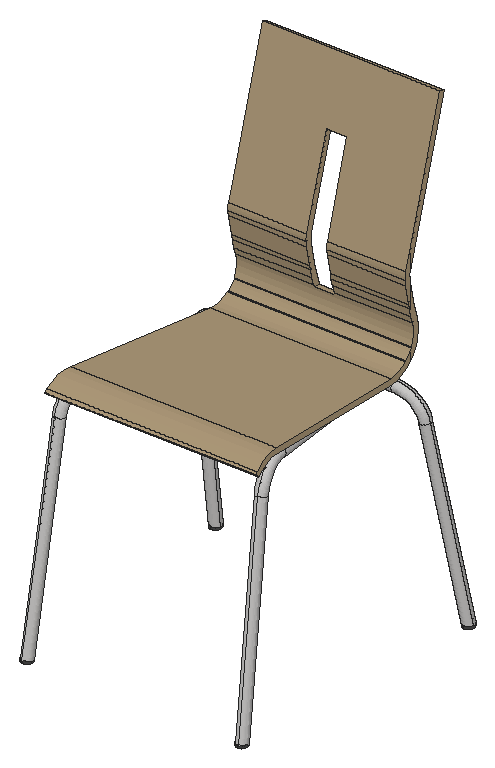
Revit family "Chair-Multi-Purpose-Allermuir-Scoop-A432", category Furniture, Revit 2012
Parameters (values of type "A432")
  ecoScorecard_data = "http://thesenatorgroup.ecoscorecard.com/product/A432"
  ecoScorecard Product Page = "http://products.ecoscorecard.com/allermuir/A432?action=html"
  Weight = 14.0 lbf
  Upholstered Seat = "NO"  # constant formula
  Upholstered Back = "NO|\r\n"  # constant formula
  URL = "http://www.allermuir.net/Default.aspx"
  Swaged Tubular Steel Legs = "Yes"  # constant formula
  Subcategory = "Multi-Purpose Line"  # constant formula
  Stacks = yes
  Specifications URL = "http://www.allermuir.net/Services/File.ashx?Id=4481"
  Slimline Upholstery = no
  Seat or Base = Wood - Allermuir - Plywood - New
  Seat Width = 1' - 4"  # constant formula
  Seat Height = 1' - 6"  # constant formula
  Seat Depth Adjustment = no
  Seat Depth = 1' - 4 143/256"  # constant formula
  Product Page URL = "http://www.allermuir.net/Products.aspx?RangeId=89"
  Product Line = "Scoop"  # constant formula
  Pricing URL = "http://www.allermuir.net/Services/File.ashx?Id=4326"
  Polished Aluminum Base = no
  Polished Aluminum Arm Carrier = no
  Plugin Data URL = "http://products.ecoscorecard.com/thesenatorgroup/A432"
  Plastic Arms in Black = "NO"  # constant formula
  Pedestal Base = "NO"  # constant formula
  Overall Width = 1' - 8"  # constant formula
  Overall Height = 2' - 11"  # constant formula
  Overall Depth = 1' - 9"  # constant formula
  Optional Feature Notes = " Beech shell can be stained, see page 011 for stain options,  Round Steel tube frame in Polished Chrome frame and Chrome frame"  # constant formula
  Negative Seat Tilt = no
  Model = "A432"
  Manufacturer Phone - Toll Free = "(888) 887 5806"  # constant formula
  Manufacturer Phone = "(419) 887 5806"  # constant formula
  Manufacturer Fax = "(419) 887 5805"  # constant formula
  Manufacturer Email = "mailto:contact@allermuir-na.com"
  Manufacturer Address = "1630 Holland Road, Maumee, Ohio 43537 "  # constant formula
  Manufacturer = "Allermuir"  # constant formula
  Lumbar Adjustment = no
  Legs = Metal - Allermuir - Stainless - Polished Brushed
  LEED Stats URL = "http://www.allermuir.net/Services/File.ashx?Id=4540"
  Height Adjustable Arms with Multi funtction Pad = no
  Height Adjustable Arms = no
  Glides = Plastic - Allermuir - Coarse Textured - Black
  Glides = Plastic - Allermuir - Coarse Textured - Black
  Fabric Spec Sheets = "http://www.allermuir.net/Services/File.ashx?Type=B&Id=51"
  Description = "Side chair"  # constant formula
  Color Availability = "See price list for material options"  # constant formula
  Chair Seat = Wood - Allermuir - Plywood - New
  Base or Frame = " Round Steel tube frame in Silver M04 EPPC"  # constant formula
  Base Type = "4 leg frame"  # constant formula
  Caster Options = no
  CAD Blocks URL = "http://www.allermuir.net/Services/File.ashx?Id=4591"
  Brochure URL = "http://www.allermuir.net/Services/File.ashx?Id=4541"
  Black Plastic Back Membrane = no
  Black Gas Lift = no
  Black GRP Base = no
  Black Components = no
  Base = Metal - Allermuir - Stainless - Polished Brushed
  Assembly Code = "E2020200"
  Airflow Back Mesh = no
  Advanced Sync Tilt with Multi Position Back = no
  95 CSI = "12510"  # constant formula
  2.5" Casters = no
  04 CSI = "12 51 00"  # constant formula
Reference planes (in)
  plane 1 "Center Front/Back": y = 0
  plane 2: z = 0
  plane 3 "Center Left/Right": x = 0
  plane 4: x = -10
  plane 5: y = 10.5
  plane 6: y = -10.5
  plane 7: x = 10
  plane 8: z = 35
Forms (in)
  Sweep 1, solid, material "Wood - Allermuir - Plywood - New" <- "Chair Seat"
    path origin (0, 0, 0) x (1, 0, 0) y (0, 1, 0)
      loop
        line (-8.27756, -8.79007) -> (8.37435, -8.79007)
    profile origin (0.0484, -8.79007, 0) x (0, 1, 0) y (0, 0, 1)
      loop
        line (19.36771, 34.73361) -> (18.99022, 34.84543) -> (15.76374, 23.953)
        arc (15.76374, 23.953) -> (15.71234, 23.6714) -> (15.72217, 23.38531) r 1.33473
        line (15.72217, 23.38531) -> (15.76837, 23.06161)
        arc (15.76837, 23.06161) -> (15.8863, 22.34195) -> (16.03386, 21.62777) r 17.65558
        line (16.03386, 21.62777) -> (16.10907, 21.29822)
        arc (16.10907, 21.29822) -> (16.18494, 20.9959) -> (16.27372, 20.69711) r 7.25501
        line (16.27372, 20.69711) -> (16.43685, 20.18844)
        arc (16.43685, 20.18844) -> (16.5286, 19.40059) -> (16.31486, 18.63675) r 2.05308
        line (16.31486, 18.63675) -> (16.29476, 18.59691)
        arc (16.29476, 18.59691) -> (16.06607, 18.24239) -> (15.76809, 17.94372) r 2
        line (15.76809, 17.94372) -> (15.73618, 17.91787)
        arc (15.73618, 17.91787) -> (15.02652, 17.5384) -> (14.22676, 17.449) r 2.13212
        line (14.22676, 17.449) -> (2.20912, 18.39481)
        arc (2.20912, 18.39481) -> (1.13452, 18.26574) -> (0.19296, 17.73201) r 2.75
        line (0.19296, 17.73201) -> (0, 17.56488) -> (0.28292, 17.2911) -> (0.44548, 17.43189)
        arc (0.44548, 17.43189) -> (1.25559, 17.89112) -> (2.18016, 18.00217) r 2.36605
        line (2.18016, 18.00217) -> (14.22002, 17.05462)
        arc (14.22002, 17.05462) -> (15.327, 17.21873) -> (16.25146, 17.84935) r 2.5
        line (16.25146, 17.84935) -> (16.29919, 17.90095)
        arc (16.29919, 17.90095) -> (16.62314, 18.34999) -> (16.82955, 18.86377) r 2.28472
        line (16.82955, 18.86377) -> (16.85235, 18.94927)
        arc (16.85235, 18.94927) -> (16.93112, 19.68099) -> (16.78538, 20.40236) r 2.40977
        arc (16.78538, 20.40236) -> (16.62217, 20.89389) -> (16.4908, 21.39486) r 8.07663
        line (16.4908, 21.39486) -> (16.42125, 21.69961)
        arc (16.42125, 21.69961) -> (16.2737, 22.41378) -> (16.15577, 23.13343) r 17.656
        line (16.15577, 23.13343) -> (16.10839, 23.46536)
        arc (16.10839, 23.46536) -> (16.1023, 23.64275) -> (16.13417, 23.81736) r 0.82763
        line (16.13417, 23.81736) -> (19.36771, 34.73361)
  Extrusion 2, void
    sketch origin (0, 0, 0) x (1, 0, 0) y (0, 1, 0)
      loop
        line (-9.67444, -8.79007) -> (-7.9787, -8.79007) -> (-6.69291, 7.33136) -> (-6.69291, 11.33136) -> (-9.67444, 11.33136) -> (-9.67444, -8.79007)
    from 15.82437 to 37.48263
  Extrusion 3, void
    sketch origin (0, 0, 0) x (-1, 0, 0) y (0, -1, 0)
      loop
        line (-9.67444, 8.79007) -> (-9.67444, -11.37708) -> (-6.69291, -11.37708) -> (-6.69291, -7.33136) -> (-7.9787, 8.79007) -> (-9.67444, 8.79007)
    from 15.82437 to 37.48263
  Extrusion 4, void
    sketch origin (-10, 60, 48) x (0, 1, 0) y (0, 0, 1)
      loop
        line (-50.27191, -17.85643) -> (-52.03527, -17.71767) -> (-53.95827, -24.00751) -> (-53.05847, -27.90499) -> (-51.10417, -28.05882) -> (-52.17233, -24.07241) -> (-50.27191, -17.85643)
    from 9.2126 to 10.7874
  Sweep 5, solid, material "Metal - Allermuir - Stainless - Polished Brushed" <- "Legs"
    path origin (-0.11454, 9.24463, 0.31384) x (1, 0, 0) y (0, -0.190354, 0.981716)
      loop
        line (-9.42235, -0.23072) -> (-8.54986, 14.74388)
        arc (-8.54986, 14.74388) -> (-7.92571, 16.08231) -> (-6.55324, 16.62755) r 2
        line (-6.55324, 16.62755) -> (6.74973, 16.62755)
        arc (6.74973, 16.62755) -> (8.11721, 16.087) -> (8.7455, 14.75755) r 2
        line (8.7455, 14.75755) -> (9.72179, -0.23072)
    profile origin (-9.10065, 7.86332, 7.43774) x (-0.998307, -0.011072, 0.057103) y (0, -0.981716, -0.190354)
      loop
        circle (0, 0) r 0.4
  Sweep 6, solid, material "Metal - Allermuir - Stainless - Polished Brushed" <- "Legs"
    path origin (-6.00404, 1.98592, 0.40206) x (0.170891, 0.985285, 0.003063) y (0.004653, -0.003915, 0.999982)
      loop
        line (4.21132, 16.22699) -> (-7.6645, 17.12687)
        arc (-7.6645, 17.12687) -> (-9.14739, 16.67512) -> (-9.93426, 15.33949) r 2.13601
        line (-9.93426, 15.33949) -> (-12.46896, -0.26246)
    profile origin (-6.2215, 0.21945, 17.0734) x (-0.017552, -0.070542, -0.997354) y (0.985279, -0.170874, -0.005254)
      loop
        circle (0, 0) r 0.4
  Revolve 7, solid, material "Plastic - Allermuir - Coarse Textured - Black" <- "Glides"
    sketch origin (-8.13574, 59.9164, 48.00781) x (0, 1, 0) y (0, 0, 1)
      loop
        line (-69.79358, -47.82847) -> (-70.20499, -47.82847) -> (-70.20499, -48.00847) -> (-69.79358, -48.00847) -> (-69.79358, -47.82847)
      axis (-70.20499, -47.82847) -> (-70.20499, -48.00847)
    angle from 0 to 360
  Revolve 8, solid, material "Plastic - Allermuir - Coarse Textured - Black" <- "Glides"
    sketch origin (-9.53276, -60.93361, 48.00781) x (0, -1, 0) y (0, 0, -1)
      loop
        line (-69.79358, 47.82847) -> (-69.79358, 48.00847) -> (-70.20499, 48.00847) -> (-70.20499, 47.82847) -> (-69.79358, 47.82847)
      axis (-70.20499, 47.82847) -> (-70.20499, 48.00847)
    angle from 0 to 360
  Revolve 9, solid, material "Plastic - Allermuir - Coarse Textured - Black" <- "Glides"
    sketch origin (9.60307, -60.93361, 48.00781) x (0, -1, 0) y (0, 0, 1)
      loop
        line (-69.79358, -47.82847) -> (-70.20499, -47.82847) -> (-70.20499, -48.00847) -> (-69.79358, -48.00847) -> (-69.79358, -47.82847)
      axis (-70.20499, -47.82847) -> (-70.20499, -48.00847)
    angle from 0 to 360
  Sweep 10, solid, material "Metal - Allermuir - Stainless - Polished Brushed" <- "Legs"
    path origin (6.00404, 1.98592, 0.40206) x (-0.170891, 0.985285, 0.003063) y (0.004653, 0.003915, -0.999982)
      loop
        line (4.21132, -16.22699) -> (-7.6645, -17.12687)
        arc (-7.6645, -17.12687) -> (-9.14739, -16.67512) -> (-9.93426, -15.33949) r 2.13601
        line (-9.93426, -15.33949) -> (-12.46896, 0.26246)
    profile origin (6.2215, 0.21945, 17.0734) x (-0.017552, 0.070542, 0.997354) y (-0.985279, -0.170874, -0.005254)
      loop
        circle (0, 0) r 0.4
  Revolve 11, solid, material "Plastic - Allermuir - Coarse Textured - Black" <- "Glides"
    sketch origin (8.13574, 59.9164, 48.00781) x (0, 1, 0) y (0, 0, -1)
      loop
        line (-69.79358, 47.82847) -> (-69.79358, 48.00847) -> (-70.20499, 48.00847) -> (-70.20499, 47.82847) -> (-69.79358, 47.82847)
      axis (-70.20499, 47.82847) -> (-70.20499, 48.00847)
    angle from 0 to 360
  Extrusion 12, solid, material "Metal - Allermuir - Stainless - Polished Brushed" <- "Legs"
    sketch origin (0, 0, 0) x (1, 0, 0) y (0, 1, 0)
      loop
        line (-6.1403, -4.0292) -> (-6.65162, -4.0292) -> (-6.96286, -5.79448) -> (6.96422, -5.79448) -> (6.65299, -4.0292) -> (6.14216, -4.0292)
        arc (6.14216, -4.0292) -> (5.82583, -4.14429) -> (5.6574, -4.43574) r 0.49228
        line (5.6574, -4.43574) -> (5.60686, -4.72149)
        arc (5.60686, -4.72149) -> (5.49138, -4.92132) -> (5.27449, -5.00024) r 0.33753
        line (5.27449, -5.00024) -> (-5.27604, -5.00024)
        arc (-5.27604, -5.00024) -> (-5.4907, -4.92214) -> (-5.60499, -4.72436) r 0.33406
        line (-5.60499, -4.72436) -> (-5.65613, -4.43525)
        arc (-5.65613, -4.43525) -> (-5.82435, -4.14415) -> (-6.1403, -4.0292) r 0.49169
    from 17.61847 to 17.73621
  Extrusion 13, solid, material "Metal - Allermuir - Stainless - Polished Brushed" <- "Legs"
    sketch origin (-0.09961, -0.08594, 0) x (1, 0, 0) y (0, 1, 0)
      loop
        line (-5.13832, 4.5382) -> (-5.44961, 2.83152) -> (-4.73356, 2.82732)
        arc (-4.73356, 2.82732) -> (-4.55098, 2.88015) -> (-4.42651, 3.02379) r 0.33511
        line (-4.42651, 3.02379) -> (-3.69446, 4.63471)
        arc (-3.69446, 4.63471) -> (-3.80018, 5.10172) -> (-4.27841, 5.12559) r 0.39604
        line (-4.27841, 5.12559) -> (-5.13832, 4.5382)
      loop
        line (5.13968, 4.5382) -> (4.2785, 5.12646)
        arc (4.2785, 5.12646) -> (3.8008, 5.10262) -> (3.69519, 4.63612) r 0.39561
        line (3.69519, 4.63612) -> (4.42811, 3.02327)
        arc (4.42811, 3.02327) -> (4.55226, 2.88001) -> (4.73437, 2.82731) r 0.33424
        line (4.73437, 2.82731) -> (5.45098, 2.83152) -> (5.13968, 4.5382)
    from 16.93959 to 17.06236
  Revolve 14, solid, material "Metal - Allermuir - Stainless - Polished Brushed" <- "Legs"
    sketch origin (0, -4.54688, 0) x (1, 0, 0) y (0, 0, 1)
      loop
        line (-6.53432, 17.51847) -> (-6.50698, 16.65517)
        arc (-6.50698, 16.65517) -> (-6.49782, 16.62979) -> (-6.47547, 16.61467) r 0.04357
        arc (-6.47547, 16.61467) -> (-6.4502, 16.60807) -> (-6.42464, 16.60271) r 0.53342
        line (-6.42464, 16.60271) -> (-6.42464, 17.5436)
        arc (-6.42464, 17.5436) -> (-6.48013, 17.53386) -> (-6.53432, 17.51847) r 0.54708
      axis (-6.14089, 17.5436) -> (-6.14089, 16.60271)
    angle from 0 to 360
  Revolve 15, solid, material "Metal - Allermuir - Stainless - Polished Brushed" <- "Legs"
    sketch origin (-0.09375, -4.625, 0) x (-1, 0, 0) y (0, 0, -1)
      loop
        arc (-6.53432, -17.51847) -> (-6.48013, -17.53386) -> (-6.42464, -17.5436) r 0.54708
        line (-6.42464, -17.5436) -> (-6.42464, -16.60271)
        arc (-6.42464, -16.60271) -> (-6.4502, -16.60807) -> (-6.47547, -16.61467) r 0.53342
        arc (-6.47547, -16.61467) -> (-6.49782, -16.62979) -> (-6.50698, -16.65517) r 0.04357
        line (-6.50698, -16.65517) -> (-6.53432, -17.51847)
      axis (-6.14089, -17.5436) -> (-6.14089, -16.60271)
    angle from 0 to 360
  Revolve 16, solid, material "Metal - Allermuir - Stainless - Polished Brushed" <- "Legs"
    sketch origin (1.95088, 4.64354, -0.46325) x (1, 0, 0) y (0, 0, 1)
      loop
        line (-6.53432, 17.51847) -> (-6.50698, 16.65517)
        arc (-6.50698, 16.65517) -> (-6.49782, 16.62979) -> (-6.47547, 16.61467) r 0.04357
        arc (-6.47547, 16.61467) -> (-6.4502, 16.60807) -> (-6.42464, 16.60271) r 0.53342
        line (-6.42464, 16.60271) -> (-6.42464, 17.5436)
        arc (-6.42464, 17.5436) -> (-6.48013, 17.53386) -> (-6.53432, 17.51847) r 0.54708
      axis (-6.14089, 17.5436) -> (-6.14089, 16.60271)
    angle from 0 to 360
  Revolve 17, solid, material "Metal - Allermuir - Stainless - Polished Brushed" <- "Legs"
    sketch origin (-2.18628, 4.70802, -0.46105) x (-1, 0, 0) y (0, 0, -1)
      loop
        arc (-6.53432, -17.51847) -> (-6.48013, -17.53386) -> (-6.42464, -17.5436) r 0.54708
        line (-6.42464, -17.5436) -> (-6.42464, -16.60271)
        arc (-6.42464, -16.60271) -> (-6.4502, -16.60807) -> (-6.47547, -16.61467) r 0.53342
        arc (-6.47547, -16.61467) -> (-6.49782, -16.62979) -> (-6.50698, -16.65517) r 0.04357
        line (-6.50698, -16.65517) -> (-6.53432, -17.51847)
      axis (-6.14089, -17.5436) -> (-6.14089, -16.60271)
    angle from 0 to 360
  Revolve 18, solid, material "Metal - Allermuir - Stainless - Polished Brushed" <- "Legs"
    sketch origin (0.66933, 1.66196, -0.7375) x (1, 0, 0) y (0, 0.079468, 0.996837)
      loop
        line (-5.68808, 18.14594) -> (-5.68808, 18.10396)
        arc (-5.68808, 18.10396) -> (-5.60052, 18.08912) -> (-5.51178, 18.08559) r 0.69424
        line (-5.51178, 18.08559) -> (-5.51178, 18.24109)
        arc (-5.51178, 18.24109) -> (-5.57091, 18.23742) -> (-5.62877, 18.22465) r 0.38179
        line (-5.62877, 18.22465) -> (-5.68808, 18.14594)
      axis (-5.39256, 18.24109) -> (-5.39256, 18.08559)
    angle from 0 to 360
  Revolve 19, solid, material "Metal - Allermuir - Stainless - Polished Brushed" <- "Legs"
    sketch origin (0.69006, 1.67897, -0.78007) x (1, 0, 0) y (0, 0.079468, 0.996837)
      loop
        line (-5.51275, 18.24109) -> (-5.51094, 17.34044)
        arc (-5.51094, 17.34044) -> (-5.4961, 17.32515) -> (-5.47625, 17.3174) r 0.05015
        line (-5.47625, 17.3174) -> (-5.47625, 18.24109) -> (-5.51275, 18.24109)
      axis (-5.39273, 18.24109) -> (-5.39273, 17.3174)
    angle from 0 to 360
  Revolve 20, solid, material "Metal - Allermuir - Stainless - Polished Brushed" <- "Legs"
    sketch origin (-0.76308, 1.66196, -0.7375) x (-1, 0, 0) y (0, -0.079468, -0.996837)
      loop
        line (-5.68808, -18.14594) -> (-5.62877, -18.22465)
        arc (-5.62877, -18.22465) -> (-5.57091, -18.23742) -> (-5.51178, -18.24109) r 0.38179
        line (-5.51178, -18.24109) -> (-5.51178, -18.08559)
        arc (-5.51178, -18.08559) -> (-5.60052, -18.08912) -> (-5.68808, -18.10396) r 0.69424
        line (-5.68808, -18.10396) -> (-5.68808, -18.14594)
      axis (-5.39256, -18.24109) -> (-5.39256, -18.08559)
    angle from 0 to 360
  Revolve 21, solid, material "Metal - Allermuir - Stainless - Polished Brushed" <- "Legs"
    sketch origin (-0.75974, 1.66143, -0.74921) x (-1, 0, 0) y (0, -0.079468, -0.996837)
      loop
        line (-5.51275, -18.24109) -> (-5.47625, -18.24109) -> (-5.47625, -17.3174)
        arc (-5.47625, -17.3174) -> (-5.4961, -17.32515) -> (-5.51094, -17.34044) r 0.05015
        line (-5.51094, -17.34044) -> (-5.51275, -18.24109)
      axis (-5.39273, -18.24109) -> (-5.39273, -17.3174)
    angle from 0 to 360
  Revolve 22, solid, material "Metal - Allermuir - Stainless - Polished Brushed" <- "Legs"
    sketch origin (-0.0912, -6.89273, -0.0648) x (-1, 0, 0) y (0, -0.079468, -0.996837)
      loop
        line (-5.68808, -18.14594) -> (-5.62877, -18.22465)
        arc (-5.62877, -18.22465) -> (-5.57091, -18.23742) -> (-5.51178, -18.24109) r 0.38179
        line (-5.51178, -18.24109) -> (-5.51178, -18.08559)
        arc (-5.51178, -18.08559) -> (-5.60052, -18.08912) -> (-5.68808, -18.10396) r 0.69424
        line (-5.68808, -18.10396) -> (-5.68808, -18.14594)
      axis (-5.39256, -18.24109) -> (-5.39256, -18.08559)
    angle from 0 to 360
  Revolve 23, solid, material "Metal - Allermuir - Stainless - Polished Brushed" <- "Legs"
    sketch origin (-0.11193, -6.87572, -0.10737) x (-1, 0, 0) y (0, -0.079468, -0.996837)
      loop
        line (-5.51275, -18.24109) -> (-5.47625, -18.24109) -> (-5.47625, -17.3174)
        arc (-5.47625, -17.3174) -> (-5.4961, -17.32515) -> (-5.51094, -17.34044) r 0.05015
        line (-5.51094, -17.34044) -> (-5.51275, -18.24109)
      axis (-5.39273, -18.24109) -> (-5.39273, -17.3174)
    angle from 0 to 360
  Revolve 24, solid, material "Metal - Allermuir - Stainless - Polished Brushed" <- "Legs"
    sketch origin (-0.0963, -6.89273, -0.06089) x (1, 0, 0) y (0, 0.079468, 0.996837)
      loop
        line (-5.68808, 18.14594) -> (-5.68808, 18.10396)
        arc (-5.68808, 18.10396) -> (-5.60052, 18.08912) -> (-5.51178, 18.08559) r 0.69424
        line (-5.51178, 18.08559) -> (-5.51178, 18.24109)
        arc (-5.51178, 18.24109) -> (-5.57091, 18.23742) -> (-5.62877, 18.22465) r 0.38179
        line (-5.62877, 18.22465) -> (-5.68808, 18.14594)
      axis (-5.39256, 18.24109) -> (-5.39256, 18.08559)
    angle from 0 to 360
  Revolve 25, solid, material "Metal - Allermuir - Stainless - Polished Brushed" <- "Legs"
    sketch origin (-0.07557, -6.87572, -0.10346) x (1, 0, 0) y (0, 0.079468, 0.996837)
      loop
        line (-5.51275, 18.24109) -> (-5.51094, 17.34044)
        arc (-5.51094, 17.34044) -> (-5.4961, 17.32515) -> (-5.47625, 17.3174) r 0.05015
        line (-5.47625, 17.3174) -> (-5.47625, 18.24109) -> (-5.51275, 18.24109)
      axis (-5.39273, 18.24109) -> (-5.39273, 17.3174)
    angle from 0 to 360
Cuts and joins
  Extrusion 2, Extrusion 3, Extrusion 4 cuts Sweep 1
Lines and regions (in)
  symbolic lines, style "Chair"
    curve 1: line (-7.9787, -8.79007, 0) -> (-6.69291, 7.33136, 0)
    curve 2: line (-6.69291, 7.33136, 0) -> (-6.69291, 10.57765, 0)
    curve 3: line (-6.69291, 10.20016, 0) -> (6.69291, 10.20016, 0)
    curve 4: line (6.69291, 10.57765, 0) -> (-6.69291, 10.57765, 0)
    curve 5: line (6.69291, 10.57765, 0) -> (6.69291, 7.33136, 0)
    curve 6: line (6.69291, 7.33136, 0) -> (7.9787, -8.79007, 0)
    curve 7: line (-0.7874, 8.82837, 0) -> (-0.7874, 6.91871, 0)
    curve 8: line (-0.7874, 8.82837, 0) -> (0.7874, 8.82837, 0)
    curve 9: line (0.7874, 6.91871, 0) -> (0.7874, 8.82837, 0)
    curve 10: line (-0.7874, 8.10431, 0) -> (0.7874, 8.10431, 0)
    curve 11: line (-0.7874, 8.14554, 0) -> (0.7874, 8.14554, 0)
    curve 12: line (-0.7874, 7.68922, 0) -> (0.7874, 7.68922, 0)
    curve 13: line (0.7874, 6.91871, 0) -> (6.72583, 6.91871, 0)
    curve 14: line (-0.7874, 6.91871, 0) -> (-6.72583, 6.91871, 0)
    curve 15: line (-7.9787, -8.79007, 0) -> (7.9787, -8.79007, 0)
    curve 16: line (7.41395, -8.79007, 0) -> (7.74577, -10.37942, 0)
    curve 17: line (8.52635, -10.21173, 0) -> (7.80251, -6.58095, 0)
    curve 18: arc (8.13574, -10.70001, 0) -> (7.84091, -10.57554, 0) -> (7.72448, -10.27744, 0) r 0.41141
    curve 19: arc (8.50585, -10.10893, 0) -> (8.48444, -10.50693, 0) -> (8.13574, -10.70001, 0) r 0.41141
    curve 20: arc (-8.13574, -10.70001, 0) -> (-7.84483, -10.57951, 0) -> (-7.72433, -10.28859, 0) r 0.41141
    curve 21: line (-8.5041, -10.10536, 0) -> (-7.80025, -6.55259, 0)
    curve 22: line (-7.72433, -10.28859, 0) -> (-7.41281, -8.79007, 0)
    curve 23: arc (-8.5041, -10.10536, 0) -> (-8.48549, -10.50524, 0) -> (-8.13574, -10.70001, 0) r 0.41141
    curve 24: arc (-9.88564, 9.05987, 0) -> (-9.6563, 9.66381, 0) -> (-9.12235, 9.30017, 0) r 0.41141
    curve 25: line (-9.91983, 9.17171, 0) -> (-9.05413, 6.34014, 0)
    curve 26: line (-9.15388, 9.40331, 0) -> (-8.317, 6.66597, 0)
    curve 27: arc (-8.36997, 6.68934, 0) -> (-8.24841, 6.64091, 0) -> (-8.1216, 6.60864, 0) r 1.00764
    curve 28: arc (-8.1216, 6.60864, 0) -> (-7.44414, 6.51345, 0) -> (-6.76089, 6.47901, 0) r 7.66968
    curve 29: arc (-8.62787, 5.92081, 0) -> (-7.73504, 5.73436, 0) -> (-6.82442, 5.68247, 0) r 6.12978
    curve 30: arc (-9.05413, 6.34014, 0) -> (-8.89419, 6.07641, 0) -> (-8.62787, 5.92081, 0) r 0.62719
    curve 31: arc (8.36997, 6.68934, 0) -> (8.24841, 6.64091, 0) -> (8.1216, 6.60864, 0) r 1.00764
    curve 32: arc (8.1216, 6.60864, 0) -> (7.44414, 6.51345, 0) -> (6.76089, 6.47901, 0) r 7.66968
    curve 33: arc (8.62787, 5.92081, 0) -> (7.73504, 5.73436, 0) -> (6.82442, 5.68247, 0) r 6.12978
    curve 34: arc (9.05413, 6.34014, 0) -> (8.89419, 6.07641, 0) -> (8.62787, 5.92081, 0) r 0.62719
    curve 35: line (8.28266, 6.65272, 0) -> (9.22838, 9.41873, 0)
    curve 36: line (9.05413, 6.34014, 0) -> (9.98463, 9.15455, 0)
    curve 37: arc (9.60307, 9.6828, 0) -> (9.32973, 9.57887, 0) -> (9.19449, 9.3196, 0) r 0.41141
    curve 38: arc (9.9503, 9.05071, 0) -> (9.96366, 9.46947, 0) -> (9.60307, 9.6828, 0) r 0.41141
Dimensions and locks (in)
  equal spacing: plane 4, plane 3 "Center Left/Right", plane 7
  "Overall Width": plane 4 to plane 7
  equal spacing: plane 5, plane 1 "Center Front/Back", plane 6
  "Overall Depth": plane 5 to plane 6
  "Overall Height": plane 8 to level
  aligned and locked: Sweep 1 to Extrusion 2 sketch curve
  aligned and locked: Revolve 7 to Revolve 8
Automatic sketch dimensions
  plane 4 to Sweep 1 sketch curve = 0' - 1.72244"
  plane 7 to Sweep 1 sketch curve = 0' - 1.62565"
  Sweep 1 sketch curve to plane 6 = 0' - 1.70993"
  profile plane to Sweep 1 sketch curve = 0' - 0"
  Sweep 1 sketch curve to profile plane = 0' - 0.19296"
  Sweep 1 sketch curve to profile plane = 0' - 0.28292"
  Sweep 1 sketch curve to Sweep 1 sketch curve = 0' - 0.16256"
  Sweep 1 sketch curve to profile plane = 0' - 1.99336"
  Sweep 1 sketch curve to Sweep 1 sketch curve = 0' - 0.00117"
  Sweep 1 sketch curve to Sweep 1 sketch curve = 0' - 1.73468"
  Sweep 1 sketch curve to Sweep 1 sketch curve = 0' - 0.02896"
  Sweep 1 sketch curve to Sweep 1 sketch curve = 1' - 0.03986"
  Sweep 1 sketch curve to Sweep 1 sketch curve = 0' - 0.00673"
  Sweep 1 sketch curve to Sweep 1 sketch curve = 0' - 0.16728"
  Sweep 1 sketch curve to Sweep 1 sketch curve = 0' - 0.02213"
  Sweep 1 sketch curve to Sweep 1 sketch curve = 0' - 0.06566"
  Sweep 1 sketch curve to Sweep 1 sketch curve = 0' - 0.02729"
  Sweep 1 sketch curve to Sweep 1 sketch curve = 0' - 0.04207"
  Sweep 1 sketch curve to Sweep 1 sketch curve = 0' - 0.11281"
  Sweep 1 sketch curve to Sweep 1 sketch curve = 0' - 1.19826"
  Sweep 1 sketch curve to Sweep 1 sketch curve = 0' - 1.50942"
  Sweep 1 sketch curve to Sweep 1 sketch curve = 0' - 0.04157"
  Sweep 1 sketch curve to Sweep 1 sketch curve = 0' - 0.03191"
  Sweep 1 sketch curve to Sweep 1 sketch curve = 0' - 0.0462"
  Sweep 1 sketch curve to Sweep 1 sketch curve = 0' - 0.26549"
  Sweep 1 sketch curve to Sweep 1 sketch curve = 0' - 0.38623"
  Sweep 1 sketch curve to Sweep 1 sketch curve = 0' - 0.07521"
  Sweep 1 sketch curve to Sweep 1 sketch curve = 0' - 0.02578"
  Sweep 1 sketch curve to Sweep 1 sketch curve = 0' - 0.04738"
  Sweep 1 sketch curve to Sweep 1 sketch curve = 0' - 0.48337"
  Sweep 1 sketch curve to Sweep 1 sketch curve = 0' - 0.16466"
  Sweep 1 sketch curve to Sweep 1 sketch curve = 0' - 0.0433"
  Sweep 1 sketch curve to Sweep 1 sketch curve = 0' - 0.04773"
  Sweep 1 sketch curve to Sweep 1 sketch curve = 0' - 0.0201"
  Sweep 1 sketch curve to Sweep 1 sketch curve = 0' - 0.38739"
  Sweep 1 sketch curve to Sweep 1 sketch curve = 0' - 0.16312"
  Sweep 1 sketch curve to Sweep 1 sketch curve = 0' - 0.06955"
  Sweep 1 sketch curve to Sweep 1 sketch curve = 0' - 0.34853"
  Sweep 1 sketch curve to Sweep 1 sketch curve = 0' - 0"
  Sweep 1 sketch curve to Sweep 1 sketch curve = 0' - 0.51469"
  Sweep 1 sketch curve to Sweep 1 sketch curve = 0' - 0.02279"
  Sweep 1 sketch curve to Sweep 1 sketch curve = 0' - 0.79355"
  Sweep 1 sketch curve to Sweep 1 sketch curve = 0' - 0.11579"
  Sweep 1 sketch curve to Sweep 1 sketch curve = 0' - 3.22649"
  Sweep 1 sketch curve to Sweep 1 sketch curve = 0' - 0.37749"
  Sweep 1 sketch curve to Sweep 1 sketch curve = 0' - 6.13868"
  Sweep 1 sketch curve to Sweep 1 sketch curve = 0' - 1.18276"
  Sweep 1 sketch curve to Sweep 1 sketch curve = 0' - 8.88185"
  Sweep 1 sketch curve to Sweep 1 sketch curve = 0' - 0.38783"
  profile plane to Sweep 1 sketch curve = 1' - 3.64342"
  Sweep 1 sketch curve to Sweep 1 sketch curve = 0' - 0.00987"
  Sweep 1 sketch curve to Sweep 1 sketch curve = 0' - 1.4112"
  Sweep 1 sketch curve to Sweep 1 sketch curve = 0' - 1.63781"
  Sweep 1 sketch curve to Sweep 1 sketch curve = 0' - 0.1408"
  Sweep 1 sketch curve to Sweep 1 sketch curve = 0' - 0.39439"
  Sweep 1 sketch curve to Sweep 1 sketch curve = 0' - 0.27379"
  Sweep 1 sketch curve to Sweep 1 sketch curve = 0' - 0.16712"
  Sweep 1 sketch curve to Sweep 1 sketch curve = 0' - 0.40035"
  Sweep 1 sketch curve to Sweep 1 sketch curve = 0' - 0.0516"
  Sweep 1 sketch curve to Sweep 1 sketch curve = 0' - 0.06852"
  Sweep 1 sketch curve to Sweep 1 sketch curve = 0' - 0.02585"
  Sweep 1 sketch curve to Sweep 1 sketch curve = 0' - 0.69596"
  Sweep 1 sketch curve to Sweep 1 sketch curve = 0' - 0.03984"
  Sweep 1 sketch curve to Sweep 1 sketch curve = 0' - 0.22702"
  Sweep 1 sketch curve to Sweep 1 sketch curve = 0' - 0.08549"
  Sweep 1 sketch curve to Sweep 1 sketch curve = 0' - 0.01459"
  Sweep 1 sketch curve to Sweep 1 sketch curve = 0' - 0.00855"
  Sweep 1 sketch curve to Sweep 1 sketch curve = 0' - 0.50867"
  Sweep 1 sketch curve to Sweep 1 sketch curve = 0' - 0.09664"
  Sweep 1 sketch curve to Sweep 1 sketch curve = 0' - 0.32954"
  Sweep 1 sketch curve to Sweep 1 sketch curve = 0' - 0.30475"
  Sweep 1 sketch curve to Sweep 1 sketch curve = 0' - 1.43385"
  Sweep 1 sketch curve to Sweep 1 sketch curve = 0' - 0.07181"
  Sweep 1 sketch curve to Sweep 1 sketch curve = 0' - 0.3237"
  Sweep 1 sketch curve to Sweep 1 sketch curve = 0' - 0.33193"
  Sweep 1 sketch curve to Sweep 1 sketch curve = 0' - 0.10855"
  Sweep 1 sketch curve to Sweep 1 sketch curve = 0' - 0.00839"
  Sweep 1 sketch curve to Sweep 1 sketch curve = 0' - 10.78062"
  Sweep 1 sketch curve to Sweep 1 sketch curve = 0' - 0.11182"
  plane 4 to Extrusion 2 sketch curve = 0' - 0.32556"
  Extrusion 2 sketch curve to Extrusion 2 sketch curve = 0' - 1.69574"
  plane 5 to Extrusion 2 sketch curve = 0' - 0.83136"
  Extrusion 2 sketch curve to Extrusion 2 sketch curve = 0' - 2.98153"
  Extrusion 2 sketch curve to plane 5 = 0' - 3.16864"
  Extrusion 3 sketch curve to plane 7 = 0' - 0.32556"
  Extrusion 3 sketch curve to Extrusion 3 sketch curve = 0' - 1.69574"
  Extrusion 3 sketch curve to plane 5 = 0' - 0.87708"
  Extrusion 3 sketch curve to Extrusion 3 sketch curve = 0' - 2.98153"
  plane 5 to Extrusion 3 sketch curve = 0' - 3.16864"
  plane 6 to Extrusion 3 sketch curve = 0' - 1.70993"
  Extrusion 4 sketch curve to plane 5 = 0' - 4.45827"
  Extrusion 4 sketch curve to plane 5 = 0' - 3.55847"
  Extrusion 4 sketch curve to Extrusion 4 sketch curve = 0' - 1.78594"
  Extrusion 4 sketch curve to plane 5 = 0' - 2.53527"
  Extrusion 4 sketch curve to plane 5 = 0' - 1.60417"
  Extrusion 4 sketch curve to plane 5 = 0' - 0.77191"
  Extrusion 4 sketch curve to plane 8 = 1' - 3.05882"
  Extrusion 4 sketch curve to Extrusion 4 sketch curve = 0' - 0.15383"
  Extrusion 4 sketch curve to Extrusion 4 sketch curve = 0' - 3.83258"
  Extrusion 4 sketch curve to Extrusion 4 sketch curve = 0' - 0.0649"
  Extrusion 4 sketch curve to plane 8 = 0' - 4.85643"
  Extrusion 4 sketch curve to Extrusion 4 sketch curve = 0' - 0.13876"
  plane 4 to Sweep 5 sketch curve = 0' - 0.46311"
  plane 4 to Sweep 5 sketch curve = 0' - 1.3356"
  Sweep 5 sketch curve to Sweep 5 sketch curve = 0' - 1.99661"
  plane 7 to Sweep 5 sketch curve = 0' - 3.36482"
  plane 7 to Sweep 5 sketch curve = 0' - 1.36905"
  plane 7 to Sweep 5 sketch curve = 0' - 0.39275"
  Sweep 5 sketch curve to Sweep 5 sketch curve = 0' - 0"  (x2)
  Sweep 5 sketch curve to Sweep 5 sketch curve = 1' - 2.85827"
  Sweep 5 sketch curve to Sweep 5 sketch curve = 0' - 0.11633"
  Sweep 5 sketch curve to profile plane = 0' - 0"
  profile plane to Sweep 5 sketch curve = 0' - 0"
  Sweep 6 sketch curve to Sweep 6 sketch curve = 0' - 2.5347"
  Sweep 6 sketch curve to Sweep 6 sketch curve = 0' - 2.10837"
  Sweep 6 sketch curve to Sweep 6 sketch curve = 0' - 0.16139"
  Sweep 6 sketch curve to Sweep 6 sketch curve = 0' - 11.87582"
  Sweep 6 sketch curve to Sweep 6 sketch curve = 1' - 3.25943"
  Sweep 6 sketch curve to Sweep 6 sketch curve = 0' - 0.34253"
  Sweep 6 sketch curve to Sweep 6 sketch curve = 0' - 0.89988"
  Sweep 6 sketch curve to profile plane = 0' - 0"
  profile plane to Sweep 6 sketch curve = 0' - 0"
  Revolve 7 sketch curve to level = 0' - 0.00066"
  Revolve 7 sketch curve to plane 6 = 0' - 0.21141"
  Revolve 7 sketch curve to Revolve 7 sketch curve = 0' - 0"
  Revolve 7 sketch curve to Revolve 7 sketch curve = 0' - 0.41141"
  level to Revolve 7 sketch curve = 0' - 0.16683"
  level to Revolve 7 sketch curve = 0' - 0.17934"
  Revolve 7 sketch curve to Revolve 7 sketch curve = 0' - 0.05144"
  Revolve 8 sketch curve to level = 0' - 0.00066"
  Revolve 8 sketch curve to plane 5 = 0' - 1.22862"
  Revolve 8 sketch curve to Revolve 8 sketch curve = 0' - 0"
  Revolve 8 sketch curve to Revolve 8 sketch curve = 0' - 0.41141"
  level to Revolve 8 sketch curve = 0' - 0.16683"
  level to Revolve 8 sketch curve = 0' - 0.17934"
  Revolve 8 sketch curve to Revolve 8 sketch curve = 0' - 0.05144"
  Revolve 9 sketch curve to level = 0' - 0.00066"
  Revolve 9 sketch curve to plane 5 = 0' - 1.22862"
  Revolve 9 sketch curve to Revolve 9 sketch curve = 0' - 0"
  Revolve 9 sketch curve to Revolve 9 sketch curve = 0' - 0.41141"
  level to Revolve 9 sketch curve = 0' - 0.16683"
  level to Revolve 9 sketch curve = 0' - 0.17934"
  Revolve 9 sketch curve to Revolve 9 sketch curve = 0' - 0.05144"
  Sweep 10 sketch curve to Sweep 10 sketch curve = 0' - 2.5347"
  Sweep 10 sketch curve to Sweep 10 sketch curve = 0' - 2.10837"
  Sweep 10 sketch curve to Sweep 10 sketch curve = 0' - 0.16139"
  Sweep 10 sketch curve to Sweep 10 sketch curve = 0' - 11.87582"
  Sweep 10 sketch curve to Sweep 10 sketch curve = 0' - 0.89988"
  Sweep 10 sketch curve to Sweep 10 sketch curve = 0' - 1.78738"
  Sweep 10 sketch curve to Sweep 10 sketch curve = 1' - 3.60196"
  profile plane to Sweep 10 sketch curve = 0' - 0"  (x2)
  Revolve 11 sketch curve to level = 0' - 0.00066"
  Revolve 11 sketch curve to plane 6 = 0' - 0.21141"
  Revolve 11 sketch curve to Revolve 11 sketch curve = 0' - 0"
  Revolve 11 sketch curve to Revolve 11 sketch curve = 0' - 0.41141"
  level to Revolve 11 sketch curve = 0' - 0.16683"
  level to Revolve 11 sketch curve = 0' - 0.17934"
  Revolve 11 sketch curve to Revolve 11 sketch curve = 0' - 0.05144"
  plane 4 to Extrusion 12 sketch curve = 0' - 3.03714"
  Extrusion 12 sketch curve to Extrusion 12 sketch curve = 0' - 0.31124"
  Extrusion 12 sketch curve to Extrusion 12 sketch curve = 0' - 0.51133"
  Extrusion 12 sketch curve to Extrusion 12 sketch curve = 0' - 0.48417"
  Extrusion 12 sketch curve to Extrusion 12 sketch curve = 0' - 0.05113"
  Extrusion 12 sketch curve to Extrusion 12 sketch curve = 0' - 0.32895"
  plane 7 to Extrusion 12 sketch curve = 0' - 4.72551"
  Extrusion 12 sketch curve to Extrusion 12 sketch curve = 0' - 0.33238"
  Extrusion 12 sketch curve to Extrusion 12 sketch curve = 0' - 0.05054"
  Extrusion 12 sketch curve to Extrusion 12 sketch curve = 0' - 0.48475"
  Extrusion 12 sketch curve to Extrusion 12 sketch curve = 0' - 0.51083"
  Extrusion 12 sketch curve to Extrusion 12 sketch curve = 0' - 0.82207"
  Extrusion 12 sketch curve to plane 6 = 0' - 4.70552"
  Extrusion 12 sketch curve to Extrusion 12 sketch curve = 0' - 0.79424"
  Extrusion 12 sketch curve to Extrusion 12 sketch curve = 0' - 0.27587"
  Extrusion 12 sketch curve to Extrusion 12 sketch curve = 0' - 0.27875"
  Extrusion 12 sketch curve to Extrusion 12 sketch curve = 0' - 0.20001"
  Extrusion 12 sketch curve to Extrusion 12 sketch curve = 0' - 0.20347"
  Extrusion 12 sketch curve to Extrusion 12 sketch curve = 0' - 0.28575"
  Extrusion 12 sketch curve to Extrusion 12 sketch curve = 0' - 0.28911"
  plane 4 to Extrusion 13 sketch curve = 0' - 4.45078"
  Extrusion 13 sketch curve to Extrusion 13 sketch curve = 0' - 0.3113"
  Extrusion 13 sketch curve to Extrusion 13 sketch curve = 0' - 0.71605"
  Extrusion 13 sketch curve to Extrusion 13 sketch curve = 0' - 0.00196"  (x2)
  Extrusion 13 sketch curve to plane 1 "Center Front/Back" = 0' - 2.93785"
  Extrusion 13 sketch curve to Extrusion 13 sketch curve = 0' - 0.30509"
  Extrusion 13 sketch curve to Extrusion 13 sketch curve = 0' - 0.8599"
  Extrusion 13 sketch curve to Extrusion 13 sketch curve = 0' - 0.22339"
  Extrusion 13 sketch curve to Extrusion 13 sketch curve = 0' - 0.36056"
  plane 3 "Center Left/Right" to Extrusion 13 sketch curve = 0' - 3.59558"
  Extrusion 13 sketch curve to Extrusion 13 sketch curve = 0' - 0.36017"
  Extrusion 13 sketch curve to Extrusion 13 sketch curve = 0' - 0.22314"
  Extrusion 13 sketch curve to Extrusion 13 sketch curve = 0' - 0.73292"
  Extrusion 13 sketch curve to Extrusion 13 sketch curve = 0' - 0.3043"
  Extrusion 13 sketch curve to Extrusion 13 sketch curve = 0' - 0.86118"
  Extrusion 13 sketch curve to Extrusion 13 sketch curve = 0' - 0.71661"
  Extrusion 13 sketch curve to plane 1 "Center Front/Back" = 0' - 2.93733"
  Extrusion 13 sketch curve to Extrusion 13 sketch curve = 0' - 0.19176"
  Extrusion 13 sketch curve to Extrusion 13 sketch curve = 0' - 0.19227"
  Extrusion 13 sketch curve to Extrusion 13 sketch curve = 0' - 0.19647"
  Extrusion 13 sketch curve to Extrusion 13 sketch curve = 0' - 0.19596"
  Extrusion 13 sketch curve to Extrusion 13 sketch curve = 0' - 1.37577"
  Extrusion 13 sketch curve to Extrusion 13 sketch curve = 0' - 1.37664"
  Extrusion 13 sketch curve to Extrusion 13 sketch curve = 0' - 0.09652"
  Extrusion 13 sketch curve to Extrusion 13 sketch curve = 0' - 0.09792"
  Extrusion 13 sketch curve to Extrusion 13 sketch curve = 0' - 0.16385"
  Extrusion 13 sketch curve to Extrusion 13 sketch curve = 0' - 0.16367"
  plane 4 to Revolve 14 sketch curve = 0' - 3.46568"
  Revolve 14 sketch curve to Revolve 14 sketch curve = 0' - 0 7/256"
  Revolve 14 sketch curve to Revolve 14 sketch curve = 0' - 0.0315"
  Revolve 14 sketch curve to Revolve 14 sketch curve = 0' - 0"
  Revolve 14 sketch curve to Revolve 14 sketch curve = 0' - 0.04355"
  Revolve 14 sketch curve to Revolve 14 sketch curve = 0' - 0.05083"
  Revolve 14 sketch curve to Revolve 14 sketch curve = 0' - 0 27/256"
  Revolve 14 sketch curve to Revolve 14 sketch curve = 0' - 0.02993"
  Revolve 14 sketch curve to Revolve 14 sketch curve = 0' - 0.28375"
  level to Revolve 14 sketch curve = 1' - 4.60271"
  Revolve 14 sketch curve to Revolve 14 sketch curve = 0' - 0.01196"
  Revolve 14 sketch curve to Revolve 14 sketch curve = 0' - 0.12671"
  Revolve 14 sketch curve to Revolve 14 sketch curve = 0' - 0.39116"
  Revolve 14 sketch curve to Revolve 14 sketch curve = 0' - 0.00446"
  Revolve 14 sketch curve to Revolve 14 sketch curve = 0' - 0.05887"
  plane 7 to Revolve 15 sketch curve = 0' - 3.55943"
  Revolve 15 sketch curve to Revolve 15 sketch curve = 0' - 0 7/256"
  Revolve 15 sketch curve to Revolve 15 sketch curve = 0' - 0.0315"
  Revolve 15 sketch curve to Revolve 15 sketch curve = 0' - 0"
  Revolve 15 sketch curve to Revolve 15 sketch curve = 0' - 0.04355"
  Revolve 15 sketch curve to Revolve 15 sketch curve = 0' - 0.05083"
  Revolve 15 sketch curve to Revolve 15 sketch curve = 0' - 0 27/256"
  Revolve 15 sketch curve to Revolve 15 sketch curve = 0' - 0.02993"
  Revolve 15 sketch curve to Revolve 15 sketch curve = 0' - 0.28375"
  Revolve 15 sketch curve to plane 8 = 1' - 5.40199"
  Revolve 15 sketch curve to Revolve 15 sketch curve = 0' - 0.05441"
  Revolve 15 sketch curve to Revolve 15 sketch curve = 0' - 0.05887"
  Revolve 15 sketch curve to Revolve 15 sketch curve = 0' - 0.02513"
  Revolve 15 sketch curve to Revolve 15 sketch curve = 0' - 0.12671"
  Revolve 15 sketch curve to Revolve 15 sketch curve = 0' - 0.34405"
  Revolve 16 sketch curve to plane 3 "Center Left/Right" = 0' - 4.58344"
  Revolve 16 sketch curve to Revolve 16 sketch curve = 0' - 0 7/256"
  Revolve 16 sketch curve to Revolve 16 sketch curve = 0' - 0.0315"
  Revolve 16 sketch curve to Revolve 16 sketch curve = 0' - 0"
  Revolve 16 sketch curve to Revolve 16 sketch curve = 0' - 0.04355"
  Revolve 16 sketch curve to Revolve 16 sketch curve = 0' - 0.05083"
  Revolve 16 sketch curve to Revolve 16 sketch curve = 0' - 0 27/256"
  Revolve 16 sketch curve to Revolve 16 sketch curve = 0' - 0.02993"
  Revolve 16 sketch curve to Revolve 16 sketch curve = 0' - 0.28375"
  level to Revolve 16 sketch curve = 1' - 4.13946"
  Revolve 16 sketch curve to Revolve 16 sketch curve = 0' - 0.01196"
  Revolve 16 sketch curve to Revolve 16 sketch curve = 0' - 0.12671"
  Revolve 16 sketch curve to Revolve 16 sketch curve = 0' - 0.39116"
  Revolve 16 sketch curve to Revolve 16 sketch curve = 0' - 0.00446"
  Revolve 16 sketch curve to Revolve 16 sketch curve = 0' - 0.05887"
  plane 3 "Center Left/Right" to Revolve 17 sketch curve = 0' - 4.34804"
  Revolve 17 sketch curve to Revolve 17 sketch curve = 0' - 0 7/256"
  Revolve 17 sketch curve to Revolve 17 sketch curve = 0' - 0.0315"
  Revolve 17 sketch curve to Revolve 17 sketch curve = 0' - 0"
  Revolve 17 sketch curve to Revolve 17 sketch curve = 0' - 0.04355"
  Revolve 17 sketch curve to Revolve 17 sketch curve = 0' - 0.05083"
  Revolve 17 sketch curve to Revolve 17 sketch curve = 0' - 0 27/256"
  Revolve 17 sketch curve to Revolve 17 sketch curve = 0' - 0.02993"
  Revolve 17 sketch curve to Revolve 17 sketch curve = 0' - 0.28375"
  level to Revolve 17 sketch curve = 1' - 5.13696"
  Revolve 17 sketch curve to Revolve 17 sketch curve = 0' - 0.05441"
  Revolve 17 sketch curve to Revolve 17 sketch curve = 0' - 0.05887"
  Revolve 17 sketch curve to Revolve 17 sketch curve = 0' - 0.02513"
  Revolve 17 sketch curve to Revolve 17 sketch curve = 0' - 0.12671"
  Revolve 17 sketch curve to Revolve 17 sketch curve = 0' - 0.34405"
  plane 4 to Revolve 18 sketch curve = 0' - 4.98124"
  Revolve 18 sketch curve to Revolve 18 sketch curve = 0' - 0.05931"
  Revolve 18 sketch curve to Revolve 18 sketch curve = 0' - 0.10019"
  Revolve 18 sketch curve to Revolve 18 sketch curve = 0' - 0.1703"
  Revolve 18 sketch curve to Revolve 18 sketch curve = 0' - 0.17631"
  Revolve 18 sketch curve to Revolve 18 sketch curve = 0' - 0.11922"
  Revolve 18 sketch curve to Revolve 18 sketch curve = 0' - 0.22624"
  Revolve 18 sketch curve to Revolve 18 sketch curve = 0' - 0.01837"
  Revolve 18 sketch curve to Revolve 18 sketch curve = 0' - 0.02705"
  Revolve 18 sketch curve to Revolve 18 sketch curve = 0' - 0.04198"
  Revolve 18 sketch curve to Revolve 18 sketch curve = 0' - 0.07871"
  Revolve 18 sketch curve to Revolve 18 sketch curve = 0' - 0.00502"
  Revolve 19 sketch curve to plane 3 "Center Left/Right" = 0' - 4.8227"
  Revolve 19 sketch curve to Revolve 19 sketch curve = 0' - 0.00181"
  Revolve 19 sketch curve to Revolve 19 sketch curve = 0' - 0.03469"
  Revolve 19 sketch curve to Revolve 19 sketch curve = 0' - 0.00789"
  Revolve 19 sketch curve to Revolve 19 sketch curve = 0' - 0.08352"
  Revolve 19 sketch curve to Revolve 19 sketch curve = 0' - 0.02304"
  Revolve 19 sketch curve to Revolve 19 sketch curve = 0' - 0.76349"
  Revolve 19 sketch curve to Revolve 19 sketch curve = 0' - 0.09978"
  Revolve 19 sketch curve to Revolve 19 sketch curve = 0' - 0.01089"
  plane 3 "Center Left/Right" to Revolve 20 sketch curve = 0' - 4.92501"
  Revolve 20 sketch curve to Revolve 20 sketch curve = 0' - 0.05931"
  Revolve 20 sketch curve to Revolve 20 sketch curve = 0' - 0.10019"
  Revolve 20 sketch curve to Revolve 20 sketch curve = 0' - 0.1703"
  Revolve 20 sketch curve to Revolve 20 sketch curve = 0' - 0.17631"
  Revolve 20 sketch curve to Revolve 20 sketch curve = 0' - 0.11922"
  Revolve 20 sketch curve to Revolve 20 sketch curve = 0' - 0.53351"
  Revolve 20 sketch curve to Revolve 20 sketch curve = 0' - 0.00502"
  Revolve 20 sketch curve to Revolve 20 sketch curve = 0' - 0.01644"
  Revolve 20 sketch curve to Revolve 20 sketch curve = 0' - 0.07871"
  Revolve 20 sketch curve to Revolve 20 sketch curve = 0' - 0.13347"
  Revolve 20 sketch curve to Revolve 20 sketch curve = 0' - 0.04198"
  plane 3 "Center Left/Right" to Revolve 21 sketch curve = 0' - 4.75301"
  Revolve 21 sketch curve to Revolve 21 sketch curve = 0' - 0.00181"
  Revolve 21 sketch curve to Revolve 21 sketch curve = 0' - 0.03469"
  Revolve 21 sketch curve to Revolve 21 sketch curve = 0' - 0.00789"
  Revolve 21 sketch curve to Revolve 21 sketch curve = 0' - 0.08352"
  Revolve 21 sketch curve to Revolve 21 sketch curve = 0' - 0.01089"
  Revolve 21 sketch curve to Revolve 21 sketch curve = 0' - 0.09978"
  Revolve 21 sketch curve to Revolve 21 sketch curve = 0' - 0.76349"
  Revolve 21 sketch curve to Revolve 21 sketch curve = 0' - 0.02649"
  plane 7 to Revolve 22 sketch curve = 0' - 4.40312"
  Revolve 22 sketch curve to Revolve 22 sketch curve = 0' - 0.05931"
  Revolve 22 sketch curve to Revolve 22 sketch curve = 0' - 0.10019"
  Revolve 22 sketch curve to Revolve 22 sketch curve = 0' - 0.1703"
  Revolve 22 sketch curve to Revolve 22 sketch curve = 0' - 0.17631"
  Revolve 22 sketch curve to Revolve 22 sketch curve = 0' - 0.11922"
  Revolve 22 sketch curve to Revolve 22 sketch curve = 0' - 0.53351"
  Revolve 22 sketch curve to Revolve 22 sketch curve = 0' - 0.00502"
  Revolve 22 sketch curve to Revolve 22 sketch curve = 0' - 0.01644"
  Revolve 22 sketch curve to Revolve 22 sketch curve = 0' - 0.07871"
  Revolve 22 sketch curve to Revolve 22 sketch curve = 0' - 0.13347"
  Revolve 22 sketch curve to Revolve 22 sketch curve = 0' - 0.04198"
  plane 7 to Revolve 23 sketch curve = 0' - 4.59918"
  Revolve 23 sketch curve to Revolve 23 sketch curve = 0' - 0.00181"
  Revolve 23 sketch curve to Revolve 23 sketch curve = 0' - 0.03469"
  Revolve 23 sketch curve to Revolve 23 sketch curve = 0' - 0.00789"
  Revolve 23 sketch curve to Revolve 23 sketch curve = 0' - 0.08352"
  Revolve 23 sketch curve to Revolve 23 sketch curve = 0' - 0.01089"
  Revolve 23 sketch curve to Revolve 23 sketch curve = 0' - 0.09978"
  Revolve 23 sketch curve to Revolve 23 sketch curve = 0' - 0.76349"
  Revolve 23 sketch curve to Revolve 23 sketch curve = 0' - 0.02649"
  plane 4 to Revolve 24 sketch curve = 0' - 4.21562"
  Revolve 24 sketch curve to Revolve 24 sketch curve = 0' - 0.05931"
  Revolve 24 sketch curve to Revolve 24 sketch curve = 0' - 0.10019"
  Revolve 24 sketch curve to Revolve 24 sketch curve = 0' - 0.1703"
  Revolve 24 sketch curve to Revolve 24 sketch curve = 0' - 0.17631"
  Revolve 24 sketch curve to Revolve 24 sketch curve = 0' - 0.11922"
  Revolve 24 sketch curve to Revolve 24 sketch curve = 0' - 0.22624"
  Revolve 24 sketch curve to Revolve 24 sketch curve = 0' - 0.01837"
  Revolve 24 sketch curve to Revolve 24 sketch curve = 0' - 0.02705"
  Revolve 24 sketch curve to Revolve 24 sketch curve = 0' - 0.04198"
  Revolve 24 sketch curve to Revolve 24 sketch curve = 0' - 0.07871"
  Revolve 24 sketch curve to Revolve 24 sketch curve = 0' - 0.00502"
  plane 4 to Revolve 25 sketch curve = 0' - 4.41168"
  Revolve 25 sketch curve to Revolve 25 sketch curve = 0' - 0.00181"
  Revolve 25 sketch curve to Revolve 25 sketch curve = 0' - 0.03469"
  Revolve 25 sketch curve to Revolve 25 sketch curve = 0' - 0.00789"
  Revolve 25 sketch curve to Revolve 25 sketch curve = 0' - 0.08352"
  Revolve 25 sketch curve to Revolve 25 sketch curve = 0' - 0.02304"
  Revolve 25 sketch curve to Revolve 25 sketch curve = 0' - 0.76349"
  Revolve 25 sketch curve to Revolve 25 sketch curve = 0' - 0.09978"
  Revolve 25 sketch curve to Revolve 25 sketch curve = 0' - 0.01089"
  curve 18 to curve 19 = 0' - 0"
  curve 20 to curve 23 = 0' - 0"
  curve 37 to curve 38 = 0' - 0"
  plane 4 to curve 25 = 0' - 0.08017"
  plane 4 to curve 24 = 0' - 0.11436"
  curve 25 to curve 24 = 0' - 0.38707"
  curve 24 to curve 26 = 0' - 0.37887"
  curve 26 to curve 24 = 0' - 0.03153"
  plane 4 to curve 25 = 0' - 0.94587"
  curve 29 to curve 30 = 0' - 0"
  curve 29 to curve 30 = 0' - 0.17353"
  curve 30 to curve 27 = 0' - 0.08438"
  curve 27 to curve 26 = 0' - 0.05298"
  curve 21 to curve 20 = 0' - 0.36836"
  curve 26 to curve 27 = 0' - 0.19539"
  curve 23 to curve 1 = 0' - 0.52539"
  plane 4 to curve 21 = 0' - 2.19975"
  curve 22 to plane 6 = 0' - 0.21141"
  curve 1 to curve 22 = 0' - 0.56589"
  plane 5 to curve 29 = 0' - 1.3113"
  curve 29 to curve 28 = 0' - 0.06353"
  curve 28 to curve 14 = 0' - 0.03507"
  curve 29 to curve 28 = 0' - 0.21516"
  curve 14 to curve 1 = 0' - 0.03291"
  curve 3 to plane 5 = 0' - 0.29984"
  curve 29 to curve 3 = 0' - 0.23901"
  curve 7 to plane 3 "Center Left/Right" = 0' - 0.7874"
  plane 3 "Center Left/Right" to curve 10 = 0' - 0.7874"
  plane 5 to curve 4 = 0' - 0.07765"
  curve 5 to curve 13 = 0' - 0.03291"
  curve 13 to curve 32 = 0' - 0.03507"
  curve 32 to curve 33 = 0' - 0.06353"
  curve 4 to curve 33 = 0' - 0.23901"
  curve 18 to plane 6 = 0' - 0.22256"
  curve 16 to curve 18 = 0' - 0.31053"
  curve 16 to plane 6 = 0' - 0.12058"
  curve 18 to curve 16 = 0' - 0.02129"
  curve 16 to curve 6 = 0' - 0.56476"
  curve 16 to curve 19 = 0' - 0.38997"
  curve 32 to curve 35 = 0' - 0.16106"
  curve 35 to curve 31 = 0' - 0.08731"
  curve 31 to curve 34 = 0' - 0.08438"
  curve 18 to curve 19 = 0' - 0.37011"
  curve 17 to plane 6 = 0' - 0.28827"
  curve 19 to curve 17 = 0' - 0.0205"
  curve 34 to curve 34 = 0' - 0.17353"
  curve 33 to curve 34 = 0' - 0.42626"
  curve 37 to curve 35 = 0' - 0.03389"
  plane 7 to curve 37 = 0' - 0.39693"
  plane 7 to curve 38 = 0' - 0.0497"
  plane 7 to curve 36 = 0' - 0.01537"
  plane 6 to curve 20 = 0' - 0.20001"
  plane 6 to curve 19 = 0' - 0.20001"
  curve 33 to curve 34 = 0' - 0.23834"
  curve 33 to curve 34 = 0' - 0"
  curve 29 to curve 25 = 0' - 0.41933"
  curve 33 to curve 34 = 0' - 0.41933"
  curve 34 to curve 32 = 0' - 0.08513"
  curve 30 to curve 28 = 0' - 0.08513"
  curve 31 to curve 32 = 0' - 0"
  curve 27 to curve 28 = 0' - 0"
  curve 32 to curve 35 = 0' - 0.04408"
  curve 30 to curve 26 = 0' - 0.14246"
  curve 35 to curve 31 = 0' - 0.03662"
  curve 26 to curve 27 = 0' - 0.02336"
  curve 14 to curve 9 = 0' - 0"
  curve 14 to curve 2 = 0' - 0.41265"
  curve 13 to curve 6 = 0' - 0.41265"
  curve 7 to curve 12 = 0' - 0.77052"
  curve 12 to curve 10 = 0' - 0.41508"
  curve 10 to curve 11 = 0' - 0.04123"
  curve 11 to curve 9 = 0' - 0.68283"
  curve 38 to curve 36 = 0' - 0.10383"
  curve 24 to curve 25 = 0' - 0.11184"
  curve 36 to curve 37 = 0' - 0.11684"
  curve 25 to curve 24 = 0' - 0.09967"
  curve 37 to curve 37 = 0' - 0.04822"
  curve 24 to curve 26 = 0' - 0.10314"
  curve 37 to curve 35 = 0' - 0.09913"
  radius of Sweep 5 sketch curve = 0' - 0.4"
  radius of Sweep 6 sketch curve = 0' - 0.4"
  radius of Sweep 10 sketch curve = 0' - 0.4"
